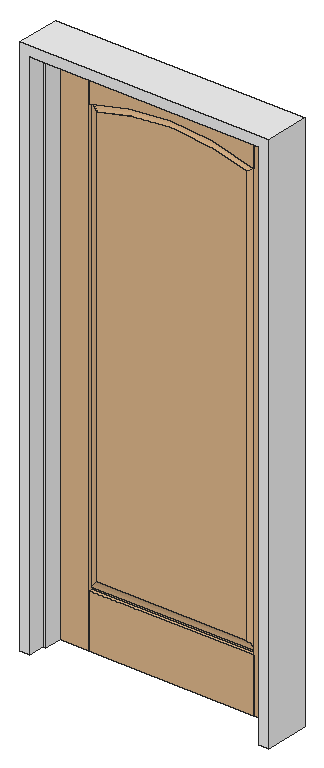
Revit family
Parameters (values of type "1 3/4" Raised Panel")
  URL = "http://www.karonadoor.com"
  Thickness Note = "Do not edit thickness."  # constant formula
  Thickness = 1.774"
  Swing Angle 2D = 90.00°
  SmartBIM Object Version = 1  # constant formula
  SmartBIM Object Created By = "Reed Construction Data"  # constant formula
  Rough Width = 0.000"
  Rough Height = 1.750"
  Panel = Panel_A6000_Karona : 1 3/4" Raised
  Model = "A6000 Square"  # constant formula
  Manufacturer = "Karona , Inc."  # constant formula
  Door Panel = Wood, Cherry - Grain Vertical
  Detail Door Thickness = 1.750"
  Assembly Code = ""
  Top Rail Height = 5.000"
  Top Rail = Wood, Cherry - Grain Horizontal
  Stile Width = 5.063"
  Stile = Wood, Cherry - Grain Vertical
  Sticking = Wood, Cherry - Grain Vertical
  Middle Rail = Wood, Cherry - Grain Horizontal
  Height = 84.000"
  Wall Closure = (empty or 0)
  Width = 36.000"
  Frame = Metal
  Bottom Rail Height = 8.500"
  Bottom Rail = Wood, Cherry - Grain Horizontal
  95 CSI = "08210"  # constant formula
  04 CSI = "08 14 33"  # constant formula
Types (9): name | Thickness | Rough Height | Panel | Door Panel | Detail Door Thickness
  1 3/4" Flat Panel | 1.774" | 1.750" | Panel_A6000_Karona : 1 3/4" - Flat Panel | Wood, Cherry - Grain Vertical | 1.750"
  1 3/8" Flat Panel | 1.334" | 0.000" | Panel_A6000_Karona : 1 3/8" - Flat Panel | Wood, Cherry - Grain Vertical | 1.375"
  2 1/4" Flat Panel | 2.250" | 0.000" | Panel_A6000_Karona : 2 1/4" - Flat Panel | Wood, Cherry - Grain Vertical | 2.250"
  1 3/4" Glass Panel | 1.774" | 1.750" | Panel_A6000_Karona : 1 3/4" - Glass Panel | Glass | 1.750"
  1 3/8" Glass Panel | 1.334" | 0.000" | Panel_A6000_Karona : 1 3/8" - Glass Panel | Glass | 1.375"
  2 1/4" Glass Panel | 2.250" | 0.000" | Panel_A6000_Karona : 2 1/4" - Glass | Glass | 2.250"
  1 3/4" Raised Panel | 1.774" | 1.750" | Panel_A6000_Karona : 1 3/4" Raised | Wood, Cherry - Grain Vertical | 1.750"
  1 3/8" Raised Panel | 1.334" | 0.000" | Panel_A6000_Karona : 1 3/8"Raised | Wood, Cherry - Grain Vertical | 1.375"
  2 1/4" Raised Panel | 2.250" | 0.000" | Panel_A6000_Karona : 2 1/4" Raised | Wood, Cherry - Grain Vertical | 2.250"
Reference planes (in)
  plane 1 "Center (Front/Back)": y = 0
  plane 2 "Center (Left/Right)": x = 0
  plane 3 "Left": x = -18
  plane 4 "Right": x = 18
  plane 5 "Top": z = 84
  plane 6 "Exterior Edge of Frame": y = 2.334
  plane 7 "Interior Edge of Frame": y = -4.666
  plane 8: y = 0.56
  plane 9: y = -2.166
  plane 10 "Opening Left": x = -19.5
  plane 11 "Opening Right": x = 19.5
  plane 12 "Top of Opening": z = 85.5
  plane 13: x = -17.5
Forms (in)
  Sweep 1, solid, material "Metal" <- "Frame"
    path origin (0, 0, 0) x (1, 0, 0) y (0, 0, 1)
      loop
        line (-19.5, 0) -> (-19.5, 85.5) -> (19.5, 85.5) -> (19.5, 0)
    profile origin (-19.5, 0, 42.75) x (-1, 0, 0) y (0, -1, 0)
      loop
        line (0, -2.334) -> (0, 4.666) -> (-1.5, 4.666) -> (-1.5, 2.166) -> (-2, 2.166) -> (-2, -0.56) -> (-1.5, -0.56) -> (-1.5, -2.334) -> (0, -2.334)
Lines and regions (in)
  Opening 1
    outline origin (-90, -4.166, 0) x (1, 0, 0) y (0, 0, 1)
      loop
        line (70.5, 0) -> (109.5, 0) -> (109.5, 85.5) -> (70.5, 85.5) -> (70.5, 0)
  symbolic lines, style "Elevation Swing"
    curve 1: line (18, 1.834, 0) -> (-18, 1.834, 42)
    curve 2: line (-18, 1.834, 42) -> (18, 1.834, 84)
Text (in)
  text "Exterior" at (-46.13199, -14.93641, 0), in view "Ref. Level"
  text "Interior" at (-46.13199, 29.36774, 0), in view "Ref. Level"
  text "Exterior" at (0, 40.15149, 123.01588), in view "Right"
  text "Interior" at (0, -64.39139, 123.01588), in view "Right"
  text "Interior" at (0, -31.01599, 123.00693), in view "Left"
  text "Exterior" at (0, 54.57065, 123.00693), in view "Left"
Dimensions and locks (in)
  "Height": level to plane 5 "Top"
  "Width": plane 3 "Left" to plane 4 "Right"
  equal spacing: host wall, curve 2, plane 5 "Top"
  locked: host wall to plane 7 "Interior Edge of Frame" at 0.5
  locked: plane 6 "Exterior Edge of Frame" to host wall at 0.5
  locked: plane 9 to plane 7 "Interior Edge of Frame" at 2.5
  "Thickness": plane 6 "Exterior Edge of Frame" to plane 8
  equal spacing: plane 3 "Left", plane 2 "Center (Left/Right)", plane 4 "Right"
  locked: plane 4 "Right" to plane 11 "Opening Right" at 1.5
  locked: plane 5 "Top" to plane 12 "Top of Opening" at 1.5
  locked: plane 3 "Left" to plane 13 at 0.5
  locked: plane 10 "Opening Left" to plane 3 "Left" at 1.5
  aligned and locked: Opening 1 sketch curve to level
  aligned and locked: plane 4 "Right" to curve 1
  aligned and locked: plane 3 "Left" to curve 1
  aligned and locked: plane 5 "Top" to curve 2
  aligned and locked: Opening 1 sketch curve to plane 11 "Opening Right"
  aligned and locked: plane 12 "Top of Opening" to Opening 1 sketch curve
  aligned and locked: Opening 1 sketch curve to plane 10 "Opening Left"
  aligned and locked: plane 10 "Opening Left" to Sweep 1 sketch curve
  aligned and locked: plane 12 "Top of Opening" to Sweep 1 sketch curve
  aligned and locked: plane 11 "Opening Right" to Sweep 1 sketch curve
  aligned and locked: level to Sweep 1 sketch curve  (x2)
  aligned and locked: Sweep 1 sketch curve to plane 10 "Opening Left"
  aligned and locked: Sweep 1 sketch curve to plane 6 "Exterior Edge of Frame"
  aligned and locked: Sweep 1 sketch curve to plane 7 "Interior Edge of Frame"
  aligned and locked: Sweep 1 sketch curve to plane 8
  aligned and locked: Sweep 1 sketch curve to plane 9
  aligned and locked: plane 13 to Sweep 1 sketch curve
  aligned and locked: plane 3 "Left" to Sweep 1 sketch curve  (x2)
  aligned and locked: nested 2 to plane 3 "Left"
  aligned and locked: nested 2 to plane 8
  aligned and locked: nested 1 to plane 6 "Exterior Edge of Frame"
Automatic sketch dimensions
  curve 1 to level = 0.000"
  curve 2 to plane 4 "Right" = 0.000"
Nested families (in)
  nested 1: "Panel_A6000_Karona" at (-13.5, 0.45519, -1) x (-1, 0, 0) z (0, 0, 1), type <- "Panel", type "1 3/4" Raised"
    with Thickness 1.774", Stile Width 5.063", Panel Width 25.874"
  nested 2: "Door Panel Plan View" at (-31.5, 0.56, 0) x (-1, 0, 0) z (0, 0, 1), type "Door Panel Plan View"
    with Thickness 1.750", Height 84.000"
Definition of nested family "Panel_A6000_Karona"
  Parameters (values of type "1 3/4" Raised")
    Width = 36.000"
    Top Rail Material = Wood, Cherry - Grain Horizontal
    Top Rail Height = 5.000"
    Thickness Note = "Do not change door thickness"  # constant formula
    Thickness = 1.77344"
    Stile Width = 5.0625"
    Stile Material = Wood, Cherry - Grain Vertical
    Sticking Material = Wood, Cherry - Grain Vertical
    Radius Vertical Center = 38.92188" + Top Rail Height  # 43.92188"
    Radius = 33.63672"  # constant formula
    Panel Width = Width - (2 * Stile Width)  # 25.875"
    Panel Height = Height - (Bottom Rail + Top Rail Height)  # 70.500"
    Middle Strip Width = 3.625"
    Height = 84.000"
    Door Panel Material = Wood, Cherry - Grain Vertical
    Default Elevation = 0.000"  # constant formula
    Bottom Rail Material = Wood, Cherry - Grain Horizontal
    Bottom Rail = 8.500"
    Assembly Code = ""
    Arch Panel = Glass-Sticking-Arched-Assembly-Square_Karona : Raised Panel
  Types (9): name | Top Rail Height | Thickness | Stile Width | Radius Vertical Center | Panel Width | Panel Height | Arch Panel
    1 3/8"Raised | 5.00013" | 1.375" | 5.063" | 43.922" | 25.874" | 70.49988" | Glass-Sticking-Arched-Assembly-Square_Karona : Raised Panel
    2 1/4" Raised | 5.00013" | 2.250" | 5.063" | 43.922" | 25.874" | 70.49988" | Glass-Sticking-Arched-Assembly-Square_Karona : Raised Panel
    1 3/4" Raised | 5.000" | 1.77344" | 5.0625" | 43.92188" | 25.875" | 70.500" | Glass-Sticking-Arched-Assembly-Square_Karona : Raised Panel
    1 3/8" - Flat Panel | 5.00013" | 1.774" | 5.063" | 43.922" | 25.874" | 70.49988" | Glass-Sticking-Arched-Assembly-Square_Karona : Glass Panel
    1 3/8" - Glass Panel | 5.00013" | 1.375" | 5.063" | 43.922" | 25.874" | 70.49988" | Glass-Sticking-Arched-Assembly-Square_Karona : Glass Panel
    1 3/4" - Glass Panel | 5.00013" | 1.750" | 5.063" | 43.922" | 25.874" | 70.49988" | Glass-Sticking-Arched-Assembly-Square_Karona : Glass Panel
    1 3/4" - Flat Panel | 5.00013" | 1.774" | 5.063" | 43.922" | 25.874" | 70.49988" | Glass-Sticking-Arched-Assembly-Square_Karona : Glass Panel
    2 1/4" - Glass | 5.00013" | 2.250" | 5.063" | 43.922" | 25.874" | 70.49988" | Glass-Sticking-Arched-Assembly-Square_Karona : Glass Panel
    2 1/4" - Flat Panel | 5.00013" | 2.250" | 5.063" | 43.922" | 25.874" | 70.49988" | Glass-Sticking-Arched-Assembly-Square_Karona : Glass Panel
  Reference planes (in)
    plane 1 "Center (Front/Back)": y = 0.99153
    plane 2: z = 1
    plane 3 "Center (Left/Right)": x = -13.5
    plane 4 "Left": x = -31.5
    plane 5: x = 4.5
    plane 6 "Inner Left": x = -26.4375
    plane 7: x = -15.3125
    plane 8 "Inner Right": x = -0.5625
    plane 9: x = -11.6875
    plane 10: z = 9.5
    plane 11 "Bottom Of Top Rail": z = 80
    plane 12 "Top": z = 85
    plane 13 "Interior Edge of Door": y = 1.87825
    plane 14 "Exterior Edge of Door": y = 0.10481
    plane 15 "Bottom of Glass": y = 0.9095
    plane 16: x = -20.875
    plane 17: x = -6.125
    plane 18: z = 7.6875
    plane 19: z = -140.5625
    plane 20: z = -214.6875
    plane 21: z = 5.875
    plane 22: z = 9.5
    plane 23: z = -142.375
    plane 24: z = -138.75
    plane 25: z = -212.875
    plane 26: z = -216.5
    plane 27: z = -64.625
    plane 28: z = -66.4375
    plane 29: z = -68.25
    plane 30 "Radius Vertical Center": z = 41.07812
  Forms (in)
    Extrusion 1, solid, material "Wood, Cherry - Grain Horizontal" <- "Bottom Rail Material"
      sketch origin (0, -101.3125, 8.83203) x (1, 0, 0) y (0, 0, 1)
        loop
          line (-26.4375, -7.83203) -> (-0.5625, -7.83203) -> (-0.5625, 0.66797) -> (-26.4375, 0.66797) -> (-26.4375, -7.83203)
      from -103.19075 to -101.41731
    Extrusion 2, solid, material "Wood, Cherry - Grain Vertical" <- "Stile Material"
      sketch origin (0, 0.99153, 8.83203) x (1, 0, 0) y (0, 0, 1)
        loop
          line (-31.5, 76.16797) -> (-31.5, -7.83203) -> (-26.4375, -7.83203) -> (-26.4375, 76.16797) -> (-31.5, 76.16797)
        loop
          line (-0.5625, -7.83203) -> (4.5, -7.83203) -> (4.5, 76.16797) -> (-0.5625, 76.16797) -> (-0.5625, -7.83203)
      from -0.88672 to 0.88672
    Extrusion 3, solid, material "Wood, Cherry - Grain Horizontal" <- "Top Rail Material"
      sketch origin (0, 0.99153, 0) x (1, 0, 0) y (0, 0, 1)
        loop
          line (-26.4375, 85) -> (-26.4375, 77.78817)
          arc (-26.4375, 77.78817) -> (-13.5, 80.0012) -> (-0.5625, 77.78817) r 38.92308
          line (-0.5625, 77.78817) -> (-0.5625, 85) -> (-26.4375, 85)
      from -0.88672 to 0.88672
  Lines and regions (in)
    symbolic lines, style "InvisibleLines"
      curve 1: line (-13.5, 1.87825, 85) -> (-13.5, 0.10481, 85)
  Text (in)
    text "EXTERIOR" at (-34.59289, -1.27941, 0), in view "Ref. Level"
    text "EXTERIOR" at (0, -9.65287, 72.76687), in view "Left"
    text "EXTERIOR" at (0, -33.33473, 96.68074), in view "Right"
  Dimensions and locks (in)
    equal spacing: plane 4 "Left", plane 3 "Center (Left/Right)", plane 5
    "Width": plane 4 "Left" to plane 5
    "Stile Width": plane 4 "Left" to plane 6 "Inner Left"
    "Stile Width": plane 5 to plane 8 "Inner Right"
    "Middle Strip Width": plane 9 to plane 7
    equal spacing: plane 9, plane 3 "Center (Left/Right)", plane 7
    "Bottom Rail": plane 10 to plane 2
    "Top Rail Height": plane 12 "Top" to plane 11 "Bottom Of Top Rail"
    "Height": plane 12 "Top" to plane 2
    equal spacing: plane 13 "Interior Edge of Door", plane 1 "Center (Front/Back)", plane 14 "Exterior Edge of Door"
    "Thickness": plane 13 "Interior Edge of Door" to plane 14 "Exterior Edge of Door"
    locked: plane 15 "Bottom of Glass" to plane 14 "Exterior Edge of Door" at 0.80469
    equal spacing: plane 7, plane 16, plane 6 "Inner Left"
    equal spacing: plane 8 "Inner Right", plane 17, plane 9
    equal spacing: plane 25, plane 20, plane 26
    "Middle Strip Width": plane 25 to plane 26
    equal spacing: plane 24, plane 19, plane 23
    "Middle Strip Width": plane 24 to plane 23
    equal spacing: plane 22, plane 18, plane 21
    "Middle Strip Width": plane 22 to plane 21
    "Panel Height": plane 11 "Bottom Of Top Rail" to plane 22
    "Panel Height": plane 23 to plane 25
    equal spacing: plane 27, plane 28, plane 29
    "Panel Height": plane 29 to plane 24
    "Middle Strip Width": plane 27 to plane 29
    "Panel Height": plane 21 to plane 27
    "Radius Vertical Center": plane 12 "Top" to plane 30 "Radius Vertical Center"
    plane 10 to plane 26 = 226.000"
    radius of Extrusion 3 sketch curve = 38.92308"
    aligned and locked: Extrusion 1 to plane 2
    aligned and locked: plane 13 "Interior Edge of Door" to Extrusion 1
    aligned and locked: plane 4 "Left" to Extrusion 2 sketch curve
    aligned and locked: Extrusion 2 sketch curve to plane 12 "Top"
    aligned and locked: Extrusion 2 sketch curve to Extrusion 1  (x3)
    aligned and locked: Extrusion 1 to Extrusion 2 sketch curve
    aligned and locked: plane 12 "Top" to Extrusion 2 sketch curve
    aligned and locked: plane 5 to Extrusion 2 sketch curve
    aligned and locked: plane 13 "Interior Edge of Door" to Extrusion 2
    aligned and locked: Extrusion 2 to plane 14 "Exterior Edge of Door"
    aligned and locked: Extrusion 1 to Extrusion 2
    aligned and locked: Extrusion 2 to plane 8 "Inner Right"
    aligned and locked: level to plane 2
    aligned and locked: curve 1 to Extrusion 1
    aligned and locked: curve 1 to plane 3 "Center (Left/Right)"
    aligned and locked: plane 5 to Extrusion 2
    aligned and locked: Extrusion 2 to level  (x2)
    aligned and locked: Extrusion 1 to level
    aligned and locked: plane 4 "Left" to Extrusion 2
    aligned and locked: plane 12 "Top" to Extrusion 2  (x2)
    aligned and locked: Extrusion 3 sketch curve to plane 12 "Top"
    aligned and locked: Extrusion 3 sketch curve to plane 8 "Inner Right"
    aligned and locked: Extrusion 3 sketch curve to plane 6 "Inner Left"
    aligned and locked: plane 30 "Radius Vertical Center" to Extrusion 3 sketch curve
    aligned and locked: plane 3 "Center (Left/Right)" to Extrusion 3 sketch curve
    aligned and locked: plane 13 "Interior Edge of Door" to Extrusion 3
    aligned and locked: Extrusion 3 to plane 14 "Exterior Edge of Door"
    aligned and locked: plane 3 "Center (Left/Right)" to nested 1
    aligned and locked: nested 1 to plane 1 "Center (Front/Back)"
    aligned and locked: plane 22 to nested 1
  Automatic sketch dimensions
    Extrusion 1 sketch curve to plane 6 "Inner Left" = 0.000"
    Extrusion 1 sketch curve to plane 8 "Inner Right" = 0.000"
    Extrusion 1 sketch curve to level = 0.000"
    Extrusion 1 sketch curve to plane 10 = 0.000"
    curve 1 to plane 14 "Exterior Edge of Door" = 0.000"
  Nested families (in)
    nested 1: "Glass-Sticking-Arched-Assembly-Square_Karona" at (-13.96875, 1.04431, 9.84425), Height <- "Panel Height", Width <- "Panel Width", type <- "Arch Panel", type "Raised Panel"
      with Width 25.875", Radius 38.922", Height 70.500", Drop 2.2131", Curve Adjustment 38.922", Stop Adjustment 0.273", Door Thickness 1.77344", C 0.191", B 0.469", A 0.194"
  Definition of nested family "Glass-Sticking-Arched-Assembly-Square_Karona"
    Parameters (values of type "Raised Panel")
      Width [instance] = 19.000"
      Stop Adjustment = if(and(not(Glass Panel), Door Thickness = 1.774"), 0.513", if(and(not(Glass Panel), Door Thickness = 2.250"), 0.513", if((Glass Panel), 0.125", 0.273")))  # 0.513"
      Radius [instance] = 38.922"  # constant formula
      Profile = Wood, Cherry - Grain Vertical
      Height [instance] = 17.875"
      Raised Panel = yes
      Interior Panel = Wood, Cherry - Grain Vertical
      Glass Panel = no
      Drop [instance] = Radius - (sqrt((Radius ^ 2) - ((0.5 * Width) ^ 2)))  # 1.17717"
      Door Thickness = 2.250"
      Curve Adjustment [instance] = Height - (Height - Radius)  # 38.922"
      C = if(Glass Panel, 0.125", if(Door Thickness = 1.774", 0.200", if(Door Thickness = 2.250", 0.439", 0.191")))  # 0.439"
      B = if(Door Thickness = 1.774", 0.567", if(Door Thickness = 2.250", 0.803", 0.469"))  # 0.803"
      Assembly Code = ""
      A = if(Door Thickness = 1.774", 0.197", if(Door Thickness = 2.250", 0.433", 0.194"))  # 0.433"
    Types (3): name | Stop Adjustment | Raised Panel | Glass Panel | C
      Glass Panel | 0.125" | no | yes | 0.125"
      Flat Panel | 0.513" | no | no | 0.439"
      Raised Panel | 0.513" | yes | no | 0.439"
    Reference planes (in)
      plane 1 "Stop Adjustment Edge": y = -0.3455
      plane 2: z = 0
      plane 3 "Center (Left/Right)": x = 0.46875
      plane 4 "Back": y = 0.9765
      plane 5 "Front": y = -1.2735
      plane 6 "Left": x = -9.03125
      plane 7 "Right": x = 9.96875
      plane 8 "Top": z = 17.875
      plane 9 "Center (Up/Down)": z = 8.9375
      plane 10 "Bottom of Stop": y = 0.1675
      plane 11 "Bottom of Glass": y = -0.4705
      plane 12 "Right Edge of Glass": x = 10.35675
      plane 13 "Left Edge of Glass": x = -9.41925
      plane 14 "Top Edge of Glass": z = 18.21925
      plane 15 "Bottom Edge of Glass": z = -0.34425
      plane 16 "A": y = -0.8405
      plane 17 "C": y = 0.5375
      plane 18: z = 0.438
      plane 19: z = 17.437
      plane 20: x = -8.59325
      plane 21: x = 9.53075
      plane 22 "Center (Front/Back)": y = -0.1485
      plane 23: x = -9.46925
      plane 24: x = 10.40675
      plane 25: z = 18.313
      plane 26: z = -0.438
      plane 27: z = 16.69783
      plane 28: z = 19.313
      plane 29: z = -21.047
    Forms (in)
      Extrusion 1, solid, material "Wood, Cherry - Grain Vertical" <- "Interior Panel"
        sketch origin (0, 0, 0) x (1, 0, 0) y (0, 1, 0)
          loop
            line (-9.41925, 0.1675) -> (-9.41925, -0.4705) -> (10.35675, -0.4705) -> (10.35675, 0.1675) -> (-9.41925, 0.1675)
        from -0.34425 to 18.21925
      Extrusion 2, solid, material "Wood, Cherry - Grain Vertical" <- "Profile", visible <- "Raised Panel"
        sketch origin (0, 0, 0) x (1, 0, 0) y (0, 1, 0)
          loop
            line (9.96875, 0.5375) -> (-9.03125, 0.5375) -> (-9.03125, 0.1675) -> (9.96875, 0.1675) -> (9.96875, 0.5375)
          loop
            line (-9.03125, -0.4705) -> (-9.03125, -0.8405) -> (9.96875, -0.8405) -> (9.96875, -0.4705) -> (-9.03125, -0.4705)
        from 0 to 17.875
      Sweep 3, void
        path origin (0, 0.1675, 0) x (-1, 0, 0) y (0, 0, 1)
          loop
            line (9.46925, -0.438) -> (9.46925, 16.69783)
            arc (9.46925, 16.69783) -> (-0.46875, 17.98795) -> (-10.40675, 16.69783) r 38.922
            line (-10.40675, 16.69783) -> (-10.40675, -0.438) -> (9.46925, -0.438)
        profile "Profile : 05" origin (-9.46925, 0.1675, 8.12991) x (1, 0, 0) y (0, 1, 0)
          loop
            line (0, 0.05) -> (0.36169, 0.05096)
            arc (0.36169, 0.05096) -> (1.01257, 0.13642) -> (1.61934, 0.387) r 2.52143
            line (1.61934, 0.387) -> (0, 0.387) -> (0, 0.05)
      Sweep 4, void
        path origin (0, -0.4705, 0) x (-1, 0, 0) y (0, 0, 1)
          loop
            line (-10.40675, 16.69783) -> (-10.40675, -0.438) -> (9.46925, -0.438) -> (9.46925, 16.69783)
            arc (9.46925, 16.69783) -> (-0.46875, 17.98795) -> (-10.40675, 16.69783) r 38.922
        profile "Profile : 05" origin (10.40675, -0.4705, 8.12991) x (-1, 0, 0) y (0, 1, 0)
          loop
            line (0, -0.05) -> (0, -0.387) -> (1.61934, -0.387)
            arc (1.61934, -0.387) -> (1.01257, -0.13642) -> (0.36169, -0.05096) r 2.52143
            line (0.36169, -0.05096) -> (0, -0.05)
      Extrusion 5, void
        sketch origin (9.96875, -0.8405, 0) x (1, 0, 0) y (0, 0, -1)
          loop
            line (-19.438, -19.313) -> (0.438, -19.313) -> (0.438, -16.58488)
            arc (0.438, -16.58488) -> (-9.5, -17.875) -> (-19.438, -16.58488) r 38.922
            line (-19.438, -16.58488) -> (-19.438, -19.313)
        from -0.433 to 1.817
    Cuts and joins
      Sweep 3, Sweep 4, Extrusion 5 cuts Extrusion 2
      Extrusion 5 cuts Extrusion 1
    Text (in)
      text "INTERIOR" at (-14.3788, 3.49864, 0), in view "Ref. Level"
    Dimensions and locks (in)
      equal spacing: plane 6 "Left", plane 3 "Center (Left/Right)", plane 7 "Right"
      "Width": plane 6 "Left" to plane 7 "Right"
      "Door Thickness": plane 4 "Back" to plane 5 "Front"
      "Height": plane 8 "Top" to plane 2
      equal spacing: plane 8 "Top", plane 9 "Center (Up/Down)", level
      locked: plane 1 "Stop Adjustment Edge" to plane 11 "Bottom of Glass" at 0.125
      "Stop Adjustment": plane 10 "Bottom of Stop" to plane 1 "Stop Adjustment Edge"
      locked: plane 7 "Right" to plane 12 "Right Edge of Glass" at 0.388
      locked: plane 14 "Top Edge of Glass" to plane 8 "Top" at 0.34425
      locked: level to plane 15 "Bottom Edge of Glass" at 0.34425
      locked: plane 13 "Left Edge of Glass" to plane 6 "Left" at 0.388
      "B": plane 5 "Front" to plane 11 "Bottom of Glass"
      "A": plane 5 "Front" to plane 16 "A"
      "C": plane 17 "C" to plane 4 "Back"
      locked: plane 18 to level at 0.438
      locked: plane 8 "Top" to plane 19 at 0.438
      locked: plane 6 "Left" to plane 20 at 0.438
      locked: plane 21 to plane 7 "Right" at 0.438
      equal spacing: plane 4 "Back", plane 22 "Center (Front/Back)", plane 5 "Front"
      locked: plane 23 to plane 13 "Left Edge of Glass" at 0.05
      locked: plane 12 "Right Edge of Glass" to plane 24 at 0.05
      locked: plane 25 to plane 14 "Top Edge of Glass" at 0.09375
      locked: plane 15 "Bottom Edge of Glass" to plane 26 at 0.09375
      locked: plane 28 to plane 25 at 1
      "Drop": plane 8 "Top" to plane 27
      "Curve Adjustment": plane 8 "Top" to plane 29
      "Radius": radius of Extrusion 5 sketch curve
      aligned and locked: Extrusion 1 sketch curve to plane 13 "Left Edge of Glass"
      aligned and locked: Extrusion 1 sketch curve to plane 10 "Bottom of Stop"
      aligned and locked: Extrusion 1 sketch curve to plane 11 "Bottom of Glass"
      aligned and locked: Extrusion 1 sketch curve to plane 12 "Right Edge of Glass"
      aligned and locked: plane 14 "Top Edge of Glass" to Extrusion 1
      aligned and locked: Extrusion 1 to plane 15 "Bottom Edge of Glass"
      aligned and locked: Extrusion 2 sketch curve to plane 17 "C"
      aligned and locked: Extrusion 2 sketch curve to plane 10 "Bottom of Stop"
      aligned and locked: Extrusion 2 sketch curve to plane 11 "Bottom of Glass"
      aligned and locked: Extrusion 2 sketch curve to plane 16 "A"
      aligned and locked: plane 24 to Sweep 4 sketch curve
      aligned and locked: Sweep 4 sketch curve to plane 26
      aligned and locked: plane 24 to Sweep 3 sketch curve  (x2)
      aligned and locked: Sweep 3 sketch curve to plane 23
      aligned and locked: Sweep 3 sketch curve to plane 26
      aligned and locked: plane 6 "Left" to Extrusion 2 sketch curve  (x2)
      aligned and locked: plane 7 "Right" to Extrusion 2 sketch curve  (x2)
      aligned and locked: plane 8 "Top" to Extrusion 2
      aligned and locked: Extrusion 2 to level
      aligned and locked: plane 27 to Sweep 4 sketch curve  (x2)
      aligned and locked: plane 23 to Sweep 4 sketch curve
      aligned and locked: plane 23 to Sweep 3 sketch curve
      aligned and locked: plane 27 to Sweep 3 sketch curve  (x2)
      aligned and locked: Extrusion 5 to plane 5 "Front"
      aligned and locked: plane 4 "Back" to Extrusion 5
      aligned and locked: plane 3 "Center (Left/Right)" to Extrusion 5 sketch curve
      aligned and locked: plane 29 to Extrusion 5 sketch curve
    Automatic sketch dimensions
      plane 29 to Sweep 4 sketch curve = 0.11295"
      plane 29 to Sweep 3 sketch curve = 0.11295"
      Extrusion 2 to Extrusion 5 sketch curve = 0.438"
      Extrusion 5 sketch curve to Extrusion 2 = 0.438"
      Extrusion 2 to Extrusion 5 sketch curve = 1.438"
Definition of nested family "Door Panel Plan View"
  Parameters (values of type "Door Panel Plan View")
    Width = 36.000"
    Thickness = 2.000"
    Swing Angle 2D = 90.00°
    Height = 0.000"
    Assembly Code = ""
  Reference planes (in)
    plane 1 "Center (Front/Back)": y = 0
    plane 2: z = 0
    plane 3 "Center (Left/Right)": x = -13.5
  Lines and regions (in)
    symbolic lines, style "DoorsPanelProjection"
      curve 1: line (-13.5, 0, 0) -> (-13.5, 36, 0)
      curve 2: line (-15.5, 0, 0) -> (-15.5, 36, 0)
      curve 3: line (-13.5, 0, 0) -> (-15.5, 0, 0)
      curve 4: line (-13.5, 36, 0) -> (-15.5, 36, 0)
    symbolic lines, style "Plan Swing"
      curve 5: arc (-13.5, 36, 0) -> (-38.95584, 25.45584, 0) -> (-49.5, 0, 0) r 36
  Dimensions and locks (in)
    "Width": curve 4 to curve 3
    "Thickness": curve 1 to curve 2
    "Swing Angle 2D": angle curve 1 to plane 1 "Center (Front/Back)"
    aligned and locked: plane 1 "Center (Front/Back)" to curve 5
  Automatic sketch dimensions
    curve 3 to plane 1 "Center (Front/Back)" = 0.000"
    curve 5 to plane 3 "Center (Left/Right)" = 0.000"
    curve 3 to plane 3 "Center (Left/Right)" = 0.000"
